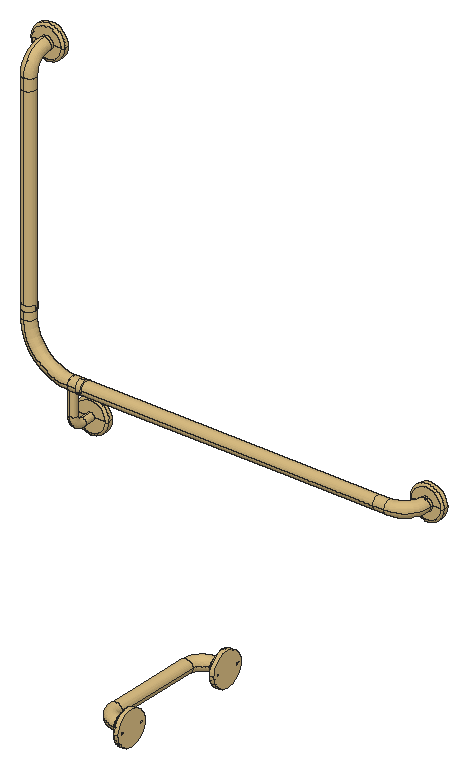
Revit family "RBA4805-301", category Plumbing Fixtures, Revit 2021
Family settings
  Round Connector Dimension = Use Diameter
  Part Type = Normal
  Work Plane-Based = No
  Always vertical = No
  Cut with Voids When Loaded = No
  Shared = No
  Room Calculation Point = No
Parameters
  Watermarked By = "www.rba.com.au"
  URL = "rba.com.au/product-category/accessible-disabled/grab-rails/"
  Phone Number = "1300 788 778"
  OFFSET = 800.00 mm
  Model = "RBA4805-301"
  Materials and Finishes = PVD Brushed Brass Stainless Steel
  Manufacturer Model = ""
  Manufacturer = "RBA Group"
  Distance Away from Wall [instance] = 100.00 mm
  Distance Away from Toilet [instance] = 1090.00 mm
  Description = "RH Accessible Rail + 300mm Straight Kit | Brushed Brass"
  Default Elevation = 0.00 mm
  Copyrighted by = "RBA Group"  # constant formula
  Assembly Code = ""
Reference planes
  plane 1 "Center (Front/Back)": y = 0
  plane 2: z = 0
  plane 3: x = 40.5
  plane 4: z = 800
  plane 5: x = 1090.5
  plane 6: x = 990.5
  plane 7: x = 140.5
  plane 8: z = 700
  plane 9: z = 1500
  plane 10: y = -86
  plane 11: y = -54
  plane 12: y = -1074
  plane 13: y = -1090
  plane 14: x = 1035.5
  plane 15: x = 1003.5
  plane 16: z = 816
  plane 17: x = 56.5
  plane 18: x = 46.5
Dimensions and locks
  "OFFSET": plane 4 to plane 2
  plane 11 to plane 1 "Center (Front/Back)" = 54.00 mm
  plane 10 to plane 1 "Center (Front/Back)" = 86.00 mm
  "Distance Away from Wall": plane 6 to plane 5
  locked: plane 12 to plane 13 at 16
  "Distance Away from Toilet": plane 13 to plane 1 "Center (Front/Back)"
Nested families
  nested 1: "RBA4805-911" at (-656, 0, 800), type "RBA4805-911"
  nested 2: "RBA4805-Straight-Series" at (1090.5, -1074, 800) x (0, 1, 0) z (0, 0, -1), type "RBA4805-030"
Definition of nested family "RBA4805-911"
  Parameters (values of type "RBA4805-911")
    Watermarked By = "www.rba.com.au"
    URL = "www.rba.com.au"
    R_Void [instance] = 15.00 mm
    R [instance] = 0.00 mm
    Phone Number = ""
    Modified Issue = ""
    Model = "RBA4805-911"
    Materials and Finishes = none
    Manufacturer Model = "B819436"
    Manufacturer = "RBA Group"
    Description = "RTA Brushed Brass Right Hand Single Wall 90° Rail"
    Default Elevation = 0.00 mm
    Copyrighted by = "RBA Group"  # constant formula
    Assembly Code = ""
  Reference planes
    plane 1 "Center (Front/Back)": y = 0
    plane 2: z = 0
    plane 3: x = 40.5
    plane 4: x = 990.5
    plane 5: x = 515.5
    plane 6: z = 700
    plane 7: x = 835.5
    plane 8: z = -100
    plane 9: x = 974.5
    plane 10: z = 16
    plane 11: y = -70
    plane 12: y = -86
    plane 13: y = -54
    plane 14: y = -79.5
    plane 15: y = -60.5
    plane 16: z = -30
    plane 17: z = 30
    plane 18: x = 1606.5
    plane 19: x = 1666.5
    plane 20: z = 670
    plane 21: z = 730
    plane 22: x = 716.5
    plane 23: x = 656.5
    plane 24: z = -130
    plane 25: z = -70
    plane 26: x = 766.5
    plane 27: x = 826.5
  Forms (mm)
    Extrusion 1, solid, material <- "Materials and Finishes"
      sketch origin (1636.5, -2.628, 315.907) x (0, 0, -1) y (-1, 0, 0)
        loop
          circle (315.907, 0) r 40
      from -0.219 to 2.628
    Revolve 2, solid, material <- "Materials and Finishes"
      sketch origin (1636.5, 18.663, 0) x (0, -1, 0) y (1, 0, 0)
        loop
          line (18.663, 0) -> (33.701, 0) -> (32.842, 36.617)
          arc (32.842, 36.617) -> (31.337, 40.077) -> (27.844, 41.5) r 5
          line (27.844, 41.5) -> (18.663, 41.5) -> (18.663, 0)
        axis (18.663, 0) -> (33.701, 0)
      angle from 0 to 360
    Extrusion 3, void
      sketch origin (1636.5, 34.941, 315.907) x (0, 0, -1) y (-1, 0, 0)
        loop
          circle (315.907, 30) r 5
        loop
          circle (315.907, -30) r 5
      from -37.788 to -30
    Sweep 4, solid, material <- "Materials and Finishes"
      path origin (1636.5, 12.454, 0) x (0, -1, 0) y (-1, 0, 0)
        loop
          line (12.454, 0) -> (34.454, 0)
          arc (34.454, 0) -> (68.395, 14.059) -> (82.454, 48) r 48
          line (82.454, 48) -> (82.454, 76)
      profile origin (1636.5, -11, 0) x (1, 0, 0) y (0, 0, 1)
        loop
          circle (0, 0) r 16
    Extrusion 5, solid, material <- "Materials and Finishes"
      sketch origin (686.5, -2.628, 1015.907) x (0, 0, -1) y (-1, 0, 0)
        loop
          circle (315.907, 0) r 40
      from -0.219 to 2.628
    Extrusion 6, void
      sketch origin (686.5, 34.941, 1015.907) x (0, 0, -1) y (-1, 0, 0)
        loop
          circle (315.907, -30) r 5
        loop
          circle (315.907, 30) r 5
      from -37.788 to -30
    Sweep 7, solid, material <- "Materials and Finishes"
      path origin (-13.5, 12.454, 700) x (0, -1, 0) y (0, 0, -1)
        loop
          line (12.454, 0) -> (34.454, 0)
          arc (34.454, 0) -> (68.395, 14.059) -> (82.454, 48) r 48
          line (82.454, 48) -> (82.454, 76)
      profile origin (-13.5, -11, 700) x (0, 0, -1) y (1, 0, 0)
        loop
          circle (0, 700) r 16
    Revolve 8, solid, material <- "Materials and Finishes"
      sketch origin (686.5, 18.663, 700) x (0, -1, 0) y (1, 0, 0)
        loop
          line (18.663, 0) -> (18.663, -41.5) -> (27.844, -41.5)
          arc (27.844, -41.5) -> (31.337, -40.077) -> (32.842, -36.617) r 5
          line (32.842, -36.617) -> (33.701, 0) -> (18.663, 0)
        axis (18.663, 0) -> (33.701, 0)
      angle from 0 to 360
    Sweep 9, solid, material <- "Materials and Finishes"
      path origin (1677, 0, 0) x (-1, 0, 0) y (0, 0, -1)
        loop
          line (116.5, 0) -> (880.5, 0)
          arc (880.5, 0) -> (958.282, -32.218) -> (990.5, -110) r 110
          line (990.5, -110) -> (990.5, -624)
      profile origin (1178.5, 0, 0) x (0, 0, -1) y (0, -1, 0)
        loop
          circle (0, 70) r 16
    Extrusion 10, solid, material <- "Materials and Finishes"
      sketch origin (796.5, -2.628, 215.907) x (0, 0, -1) y (-1, 0, 0)
        loop
          circle (315.907, 0) r 40
      from -0.219 to 2.628
    Revolve 11, solid, material <- "Materials and Finishes"
      sketch origin (796.5, 18.663, -100) x (0, -1, 0) y (1, 0, 0)
        loop
          line (18.663, 0) -> (33.701, 0) -> (32.842, 36.617)
          arc (32.842, 36.617) -> (31.337, 40.077) -> (27.844, 41.5) r 5
          line (27.844, 41.5) -> (18.663, 41.5) -> (18.663, 0)
        axis (18.663, 0) -> (33.701, 0)
      angle from 0 to 360
    Sweep 12, solid, material <- "Materials and Finishes"
      path origin (796.5, 12.454, -100) x (0, -1, 0) y (0, 0, 1)
        loop
          line (12.454, 0) -> (54.454, 0)
          arc (54.454, 0) -> (74.253, 8.201) -> (82.454, 28) r 28
          line (82.454, 28) -> (82.454, 100)
      profile origin (796.5, -21, -100) x (0, 0, 1) y (-1, 0, 0)
        loop
          circle (0, 0) r 9.5
    Extrusion 13, void
      sketch origin (796.5, 34.941, 215.907) x (0, 0, -1) y (-1, 0, 0)
        loop
          circle (315.907, 30) r 5
        loop
          circle (315.907, -30) r 5
      from -37.788 to -30
    Extrusion 14, solid, material <- "Materials and Finishes"
      sketch origin (1677, 0, 0) x (-1, 0, 0) y (0, -1, 0)
        loop
          circle (990.5, 70) r 17
      from 142 to 130
    Extrusion 15, solid, material <- "Materials and Finishes"
      sketch origin (1026.5, 0, 990.5) x (0, 0, -1) y (0, -1, 0)
        loop
          circle (990.5, 70) r 17
      from 210 to 198
  Cuts and joins
    Extrusion 3 cuts Extrusion 1
    Extrusion 6 cuts Extrusion 5
    Extrusion 13 cuts Extrusion 10
    Extrusion 3 cuts Revolve 2
    Extrusion 6 cuts Revolve 8
    Extrusion 13 cuts Revolve 11
    joined: Revolve 2, Sweep 4, Sweep 7, Revolve 8, Sweep 9, Revolve 11, Sweep 12
  Dimensions and locks
    level to plane 8 = 100.00 mm
    plane 6 to level = 700.00 mm
    plane 4 to plane 7 = 155.00 mm
    plane 4 to plane 3 = 950.00 mm
    Revolve 2 sketch curve to Revolve 2 sketch curve = 41.50 mm
    plane 17 to plane 16 = 60.00 mm
    plane 18 to plane 19 = 60.00 mm
    plane 21 to plane 20 = 60.00 mm
    plane 23 to plane 22 = 60.00 mm
    Revolve 8 sketch curve to Revolve 8 sketch curve = 41.50 mm
    Revolve 11 sketch curve to Revolve 11 sketch curve = 41.50 mm
    plane 25 to plane 24 = 60.00 mm
    plane 26 to plane 27 = 60.00 mm
    radius of Extrusion 1 sketch curve = 40.00 mm
    radius of Sweep 4 sketch curve = 16.00 mm
    radius of Extrusion 5 sketch curve = 40.00 mm
    radius of Sweep 7 sketch curve = 16.00 mm
    radius of Extrusion 10 sketch curve = 40.00 mm
    radius of Sweep 12 sketch curve = 9.50 mm
    aligned and locked: Revolve 2 to Extrusion 1
    aligned and locked: Revolve 11 to Extrusion 10
Definition of nested family "RBA4805-Straight-Series"
  Parameters (values of type "RBA4805-060")
    Watermarked By = "www.rba.com.au"
    URL = "www.rba.com.au"
    Phone Number = ""
    OFFSET [instance] = 800.00 mm
    Modified Issue = ""
    Model = "RBA4805-Straight-Series"
    Materials & Finishes = none
    Manufacturer = "RBA Group"  # constant formula
    Lgth = 600.00 mm
    Diameter = 32.00 mm
    Description = "RTA Brushed Brass Straight Grabrail"
    Default Elevation = 0.00 mm
    Copyright by = "RBA Group"  # constant formula
  Types (9, lengths in mm): name | URL | Phone Number | Modified Issue | Model | Lgth | Description
    RBA4805-030 | "www.rba.com.au" | "" | "20190510.1" | "RBA4000-030" | 300.00 | "Straight Grab Rail 300mm"
    RBA4805-045 | "www.rba.com.au" | "" | "20191004.01" | "RBA4000-045" | 450.00 | "Straight Grab Rail 450mm"
    RBA4805-060 | "www.rba.com.au" | "" | "" | "RBA4805-Straight-Series" | 600.00 | "RTA Brushed Brass Straight Grabrail"
    RBA4805-070 | "www.rba.com.au" | "" | "20191004.01" | "RBA4000-075" | 700.00 | "Straight Grab Rail 750mm"
    RBA4805-090 | "www.rba.com.au" | "" | "20191004.01" | "RBA4000-090" | 900.00 | "Straight Grab Rail 900mm"
    RBA4805-080 | "http://www.rba.com.au/accessible-disabled/grab-rails" | "1300 788 778" | "20191004.01" | "RBA4000-080" | 800.00 | "Straight Grab Rail 800mm"
    RBA4805-100 | "http://www.rba.com.au/accessible-disabled/grab-rails" | "1300 788 778" | "20191004.01" | "RBA4000-100" | 1000.00 | "Straight Grab Rail 1000mm"
    RBA4805-120 | "http://www.rba.com.au/accessible-disabled/grab-rails" | "1300 788 778" | "20191004.01" | "RBA4000-120" | 1200.00 | "Straight Grab Rail 1200mm"
    RBA4805-040 | "www.rba.com.au" | "" | "20191108.1" | "RBA4000-040" | 400.00 | "Straight Grab Rail 400mm"
  Reference planes
    plane 1 "Center (Front/Back)": y = 0
    plane 2: z = 0
    plane 3 "Center (Left/Right)": x = 0
    plane 4: x = 0
    plane 5: x = 0
    plane 6: y = -57
    plane 7: y = -89
    plane 8: x = 600
    plane 9: z = 16
    plane 10: z = -16
  Forms (mm)
    Sweep 1, solid, material <- "Materials & Finishes"
      path origin (-273.954, -750, 0) x (0, -1, 0) y (1, 0, 0)
        loop
          line (-740, 873.954) -> (-719, 873.954)
          arc (-719, 873.954) -> (-690.716, 862.239) -> (-679, 833.954) r 40
          line (-679, 833.954) -> (-679, 313.954)
          arc (-679, 313.954) -> (-690.716, 285.67) -> (-719, 273.954) r 40
          line (-719, 273.954) -> (-740, 273.954)
      profile origin (300, -71, 0) x (0, -1, 0) y (0, 0, 1)
        loop
          circle (0, 0) r 16
    Extrusion 2, solid, material <- "Materials & Finishes"
      sketch origin (62.5, -2.628, -315.907) x (0, 0, 1) y (1, 0, 0)
        loop
          circle (315.907, -62.5) r 40
      from -0.206 to 2.628
    Revolve 3, solid, material <- "Materials & Finishes"
      sketch origin (62.5, 18.663, 0) x (-1, 0, 0) y (0, -1, 0)
        loop
          line (62.5, 18.663) -> (104, 18.663) -> (104, 28.968)
          arc (104, 28.968) -> (103.207, 31.014) -> (101.243, 31.992) r 3.037
          arc (101.243, 31.992) -> (81.892, 33.334) -> (62.5, 33.781) r 420.249
          line (62.5, 33.781) -> (62.5, 18.663)
        axis (62.5, 18.663) -> (62.5, 33.781)
      angle from 0 to 360
    Extrusion 4, void
      sketch origin (62.704, 34.941, -270.785) x (-0.515038, 0, 0.857167) y (0.857167, 0, 0.515038)
        loop
          circle (248.952, 111.432) r 4.75
        loop
          circle (279.854, 60.002) r 4.75
      from -37.775 to -34.941
    Extrusion 5, solid, material <- "Materials & Finishes"
      sketch origin (237.5, -2.628, -315.907) x (0, 0, 1) y (1, 0, 0)
        loop
          circle (315.907, 362.5) r 40
      from -0.206 to 2.628
    Revolve 6, solid, material <- "Materials & Finishes"
      sketch origin (237.5, 18.663, 0) x (-1, 0, 0) y (0, -1, 0)
        loop
          line (-362.5, 18.663) -> (-362.5, 33.781)
          arc (-362.5, 33.781) -> (-381.892, 33.334) -> (-401.243, 31.992) r 420.249
          arc (-401.243, 31.992) -> (-403.207, 31.014) -> (-404, 28.968) r 3.037
          line (-404, 28.968) -> (-404, 18.663) -> (-362.5, 18.663)
        axis (-362.5, 18.663) -> (-362.5, 33.781)
      angle from 0 to 360
    Extrusion 7, void
      sketch origin (362.704, 34.941, -270.785) x (-0.515038, 0, 0.857167) y (0.857167, 0, 0.515038)
        loop
          circle (125.343, 317.152) r 4.75
        loop
          circle (94.441, 368.582) r 4.75
      from -37.775 to -34.941
  Cuts and joins
    Extrusion 7 cuts Sweep 1
    Extrusion 4, Extrusion 7 cuts Extrusion 2
    Extrusion 4, Extrusion 7 cuts Revolve 3
    Extrusion 7 cuts Extrusion 5
    Extrusion 7 cuts Revolve 6
    joined: Sweep 1, Extrusion 2, Revolve 3, Extrusion 5, Revolve 6
  Dimensions and locks
    "Lgth": plane 3 "Center (Left/Right)" to plane 8
    radius of Sweep 1 sketch curve = 16.00 mm
    aligned and locked: level to plane 2
    aligned and locked: Revolve 3 to Extrusion 2
    aligned and locked: Extrusion 2 to Extrusion 4
    aligned and locked: Revolve 6 to Extrusion 5
  Automatic sketch dimensions
    Sweep 1 sketch curve to plane 8 = 0.00 mm
    Sweep 1 sketch curve to plane 3 "Center (Left/Right)" = 0.00 mm
    plane 6 to Sweep 1 sketch curve = 26.00 mm  (x2)
    Sweep 1 sketch curve to plane 6 = 14.00 mm
    plane 1 "Center (Front/Back)" to Sweep 1 sketch curve = 10.00 mm  (x2)
    Sweep 1 sketch curve to profile plane = 0.00 mm  (x2)
    Extrusion 2 sketch curve to level = 0.00 mm
    Extrusion 2 sketch curve to plane 3 "Center (Left/Right)" = 0.00 mm
    plane 1 "Center (Front/Back)" to Revolve 3 sketch curve = 0.00 mm
    Revolve 3 sketch curve to plane 3 "Center (Left/Right)" = 0.00 mm  (x2)
    plane 1 "Center (Front/Back)" to Revolve 3 sketch curve = 10.305 mm
    Revolve 3 sketch curve to plane 3 "Center (Left/Right)" = 38.463 mm
    Revolve 3 sketch curve to Revolve 3 sketch curve = 3.037 mm
    Revolve 3 sketch curve to plane 1 "Center (Front/Back)" = 405.131 mm
    Revolve 3 sketch curve to Revolve 3 sketch curve = 15.118 mm
    Revolve 3 sketch curve to plane 1 "Center (Front/Back)" = 21.537 mm
    Revolve 3 sketch curve to Revolve 3 sketch curve = 0.00 mm
    plane 6 to Revolve 3 sketch curve = 13.537 mm
    Extrusion 5 sketch curve to level = 0.00 mm
    plane 8 to Extrusion 5 sketch curve = 0.00 mm
    plane 1 "Center (Front/Back)" to Revolve 6 sketch curve = 0.00 mm
    Revolve 6 sketch curve to plane 8 = 0.00 mm  (x2)
    plane 1 "Center (Front/Back)" to Revolve 6 sketch curve = 10.305 mm
    Revolve 6 sketch curve to plane 8 = 38.463 mm
    Revolve 6 sketch curve to Revolve 6 sketch curve = 3.037 mm
    Revolve 6 sketch curve to plane 1 "Center (Front/Back)" = 405.131 mm
    Revolve 6 sketch curve to Revolve 6 sketch curve = 15.118 mm
    Revolve 6 sketch curve to plane 1 "Center (Front/Back)" = 21.537 mm
    Revolve 6 sketch curve to Revolve 6 sketch curve = 0.00 mm
    plane 6 to Revolve 6 sketch curve = 13.537 mm
    Extrusion 7 sketch curve to level = 0.00 mm  (x2)
    Extrusion 7 sketch curve to plane 8 = 30.00 mm
    Extrusion 7 sketch curve to Extrusion 7 sketch curve = 30.902 mm
    Extrusion 4 sketch curve to level = 0.00 mm  (x2)
    plane 3 "Center (Left/Right)" to Extrusion 4 sketch curve = 30.00 mm
    Extrusion 4 sketch curve to Extrusion 4 sketch curve = 30.902 mm
    radius of Extrusion 2 sketch curve = 40.00 mm
    radius of Extrusion 5 sketch curve = 40.00 mm
    radius of Extrusion 7 sketch curve = 4.75 mm  (x2)
    radius of Extrusion 4 sketch curve = 4.75 mm  (x2)
